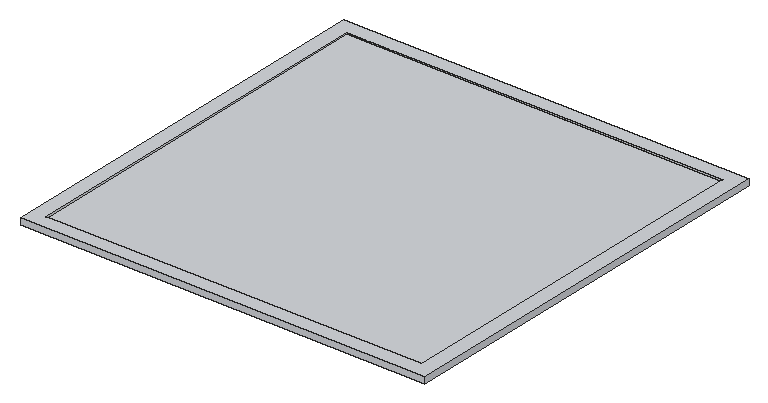
Revit family "0042566", category Lighting Fixtures, host Face, Revit 2017
Family settings
  Host = Face
  Round Connector Dimension = Use Diameter
  Part Type = Normal
  OmniClass Number = 23.80.70.00
  OmniClass Title = Lighting
  Cut with Voids When Loaded = No
  Light Source = Yes
  Shared = No
  Room Calculation Point = No
Parameters (values of type "0042566 ST PANEL UGR19 600X600 4600LM 830 SSC")
  Weight = "kg"
  Wattage Comments = ""
  Wattage = 43 W
  WarrantyStartDate [instance] = "n/a"
  WarrantyGuarantorParts = "n/a"
  WarrantyDurationUnit = "n/a"
  WarrantyDurationParts = "n/a"
  WarrantyDescription = "n/a"
  WIDTH_SYL = 297.5 mm
  built-in parameter 1150110 = 1 (stored number, unit not read)
  Voltage = 0 V
  URL = "http://www.sylvania-lighting.com"
  TypeName = "START Panel UGR19 600x600 4600Lm 830 SSC"
  Type Image = <None>
  Type Comments = "n/a"
  built-in parameter 1114217 = 1 (stored number, unit not read)
  Tilt Angle = -90.00°
  built-in parameter 1150109 = 1 (stored number, unit not read)
  built-in parameter 1150134 = (empty or 0)
  TOPWIDTH_SYL = 245 mm
  built-in parameter 1150113 = 1 (stored number, unit not read)
  SerialNumber [instance] = "n/a"
  Photometric Web File = "0042566.ies"
  Material_3_SYL = none
  PowerFactor = 0
  PowerConsumption = "43 W"
  NominalLength = 595 mm
  NominalHeight = 34 mm
  NominalDepth = 595 mm
  Name = "START Panel UGR19 600x600 4600Lm 830 SSC"
  ModelReference = Name  # "START Panel UGR19 600x600 4600Lm 830 SSC"
  ModelNumber = "0042566"
  Model = Name  # "START Panel UGR19 600x600 4600Lm 830 SSC"
  Material = "aluminium,steel housing, other diffuser"
  ManufacturerName = "Feilo Sylvania"
  Manufacturer = "Feilo Sylvania"
  MAINHEIGHT_SYL = 63 mm
  LuminousEfficacy = "107 lm/W"
  built-in parameter 1150105 = 366.14 (stored number, unit not read)
  Lumens = 4601 lm
  LuminaireType = ""
  built-in parameter 1150115 = 1 (stored number, unit not read)
  LightOutputRatio = "n/a"
  built-in parameter 1150137 = (empty or 0)
  built-in parameter 1150139 = (empty or 0)
  LampsType = Lamp  # "LED"
  LampNominalLuminous = "4600 lm"
  LampMacAdamStep = "3"
  LampColourTemperature = "3000 K"
  LampColourRenderingIndex = "80"
  built-in parameter 1150112 = 1 (stored number, unit not read)
  built-in parameter 1150114 = 1 (stored number, unit not read)
  Lamp = "LED"
  LUMWIDTH_SYL = 276.5 mm
  LUMDEPTH_SYL = 276.5 mm
  Keynote = "16500"
  InstallationDate [instance] = "n/a"
  InputVoltage = "n/a"
  InputNominalFrequency = "n/a"
  built-in parameter 1150132 = (empty or 0)
  built-in parameter 1150102 = (empty or 0)
  built-in parameter 1150107 = 3000 (stored number, unit not read)
  built-in parameter 1150138 = (empty or 0)
  IngressProtection = "IP40/20"
  ImpactProtectionIndex = "IK03"
  built-in parameter 1150106 = 3.6614 (stored number, unit not read)
  IfcExportType = "IfcLightFixtureType"
  IfcExportAs = "IfcLightFixtureType"
  HEIGHT_SYL = 33 mm
  HEIGHTBOTT_SYL = 7 mm
  Emit from Circle Diameter = 609.6 mm
  Emit Shape Visible in Rendering = no
  ElectricShockClassification = "Class II"
  built-in parameter 1150104 = 9.9406 (stored number, unit not read)
  DocumentationLiterature = "http://www.sylvania-lighting.com/product/en-int/products/0042566"
  DimmingControlOptions = "n/a"
  Material_2_SYL = none
  Dimming Lamp Color Temperature Shift = <None>
  Description = "START Panel is a range of backlit LED panels used in recessed ceilings. Ideal for general indoor appliactions such as corridors, breakrooms, offices and meeting rooms. Luminaire dimensions are compatible with common ceiling installation, and the shallow design makes it easy to install in low ceilings. 4600Lm; 43W; 107Lm/W; Drive current: 950mA; Average life: 50000Hrs; 3000K; CRI 80; Glare control <19; IK03; IP40 (from the front); SDCM<3; Class II; Loop in loop out connector for quick installation. SylSmart Standalone (SSC) enabled."
  Default Elevation = 1219.2 mm
  DEPTH_SYL = 297.5 mm
  CreatedOn = "11/2/2020"
  CreatedBy = "@sylvania-lighting.com"
  Cost = 0
  Color Filter = 16777215
  built-in parameter 1114216 [instance] = (empty or 0)
  ClassificationValue = "EF_70_80"
  ClassificationName = "Uniclass2015"
  Material_1_SYL = none
  BarCode [instance] = "n/a"
  built-in parameter 1114218 = 1 (stored number, unit not read)
  BOX_WIDTH_SYL = 40 mm
  built-in parameter 1150133 = 10 (stored number, unit not read)
  AssetType = "Fixed"
  AssetIdentifier [instance] = "n/a"
  Assembly Code = "D5020200"
  Apparent Load = 43 VA
  Material_4_SYL = none
  -LUMDEPTH_SYL = LUMDEPTH_SYL * (-1)  # -276.5 mm
Types (6, lengths in mm): name | Wattage | TypeName | built-in parameter 1150134 | Photometric Web File | PowerConsumption | NominalHeight | Name | ModelReference | ModelNumber | Model | LuminousEfficacy | built-in parameter 1150105 | Lumens | LampNominalLuminous | LampMacAdamStep | LampColourTemperature | built-in parameter 1150107 | built-in parameter 1150106 | built-in parameter 1150104 | DocumentationLiterature | Description | Apparent Load
  0042567 ST PANEL UGR19 600X600 4800LM 840 SSC | 43 W | "START Panel UGR19 600x600 4800Lm 840 SSC" | 12 | "0042567.ies" | "43 W" | 34 | "START Panel UGR19 600x600 4800Lm 840 SSC" | "START Panel UGR19 600x600 4800Lm 840 SSC" | "0042567" | "START Panel UGR19 600x600 4800Lm 840 SSC" | "112 lm/W" | 383.25 (stored number, unit not read) | 4816 lm | "4800 lm" | "3" | "4000 K" | 4000 (stored number, unit not read) | 3.8325 (stored number, unit not read) | 10.405 (stored number, unit not read) | "http://www.sylvania-lighting.com/product/en-int/products/0042567" | "START Panel is a range of backlit LED panels used in recessed ceilings. Ideal for general indoor appliactions such as corridors, breakrooms, offices and meeting rooms. Luminaire dimensions are compatible with common ceiling installation, and the shallow design makes it easy to install in low ceilings. 4800Lm; 43W; 112Lm/W; Drive current: 950mA; Average life: 50000Hrs; 4000K; CRI 80; Glare control <19; IK03; IP40 (from the front); SDCM<3; Class II; Loop in loop out connector for quick installation. SylSmart Standalone (SSC) enabled." | 43 VA
  0042566 ST PANEL UGR19 600X600 4600LM 830 SSC | 43 W | "START Panel UGR19 600x600 4600Lm 830 SSC" | (empty or 0) | "0042566.ies" | "43 W" | 34 | "START Panel UGR19 600x600 4600Lm 830 SSC" | "START Panel UGR19 600x600 4600Lm 830 SSC" | "0042566" | "START Panel UGR19 600x600 4600Lm 830 SSC" | "107 lm/W" | 366.14 (stored number, unit not read) | 4601 lm | "4600 lm" | "3" | "3000 K" | 3000 (stored number, unit not read) | 3.6614 (stored number, unit not read) | 9.9406 (stored number, unit not read) | "http://www.sylvania-lighting.com/product/en-int/products/0042566" | "START Panel is a range of backlit LED panels used in recessed ceilings. Ideal for general indoor appliactions such as corridors, breakrooms, offices and meeting rooms. Luminaire dimensions are compatible with common ceiling installation, and the shallow design makes it easy to install in low ceilings. 4600Lm; 43W; 107Lm/W; Drive current: 950mA; Average life: 50000Hrs; 3000K; CRI 80; Glare control <19; IK03; IP40 (from the front); SDCM<3; Class II; Loop in loop out connector for quick installation. SylSmart Standalone (SSC) enabled." | 43 VA
  0042508 START PANEL UGR19 600X600 4000LM 865 SSC | 36 W | "START Panel UGR19 600x600 4000Lm 865 SSC" | 1 | "0042508.ies" | "36 W" | 35 | "START Panel UGR19 600x600 4000Lm 865 SSC" | "START Panel UGR19 600x600 4000Lm 865 SSC" | "0042508" | "START Panel UGR19 600x600 4000Lm 865 SSC" | "111 lm/W" | 317.99 (stored number, unit not read) | 3996 lm | "4000 lm" | "6" | "6500 K" | 6500 (stored number, unit not read) | 3.1799 (stored number, unit not read) | 10.312 (stored number, unit not read) | "http://www.sylvania-lighting.com/product/en-int/products/0042508" | "START Panel is a range of backlit LED panels used in recessed ceilings. Ideal for general indoor appliactions such as corridors, breakrooms, offices and meeting rooms. Luminaire dimensions are compatible with common ceiling installation, and the shallow design makes it easy to install in low ceilings. 4000Lm; 36W; 111Lm/W; Drive current: 750mA; Average life: 50000Hrs; 6500K; CRI 80; Glare control <19; IK03; IP40 (from the front); Class II; Loop in loop out connector for quick installation. SylSmart Standalone (SSC) enabled." | 36 VA
  0042507 START PANEL UGR19 600X600 4000LM 840 SSC | 36 W | "START Panel UGR19 600x600 4000Lm 840 SSC" | 12 | "0042507.ies" | "36 W" | 35 | "START Panel UGR19 600x600 4000Lm 840 SSC" | "START Panel UGR19 600x600 4000Lm 840 SSC" | "0042507" | "START Panel UGR19 600x600 4000Lm 840 SSC" | "111 lm/W" | 317.99 (stored number, unit not read) | 3996 lm | "4000 lm" | "3" | "4000 K" | 4000 (stored number, unit not read) | 3.1799 (stored number, unit not read) | 10.312 (stored number, unit not read) | "http://www.sylvania-lighting.com/product/en-int/products/0042507" | "START Panel is a range of backlit LED panels used in recessed ceilings. Ideal for general indoor appliactions such as corridors, breakrooms, offices and meeting rooms. Luminaire dimensions are compatible with common ceiling installation, and the shallow design makes it easy to install in low ceilings. 4000Lm; 36W; 111Lm/W; Drive current: 750mA; Average life: 50000Hrs; 4000K; CRI 80; Glare control <19; IK03; IP40 (from the front); SDCM<3; Class II; Loop in loop out connector for quick installation. SylSmart Standalone (SSC) enabled." | 36 VA
  0042506 START PANEL UGR19 600X600 3800LM 830 SSC | 36 W | "START Panel UGR19 600x600 3800Lm 830 SSC" | (empty or 0) | "0042506.ies" | "36 W" | 35 | "START Panel UGR19 600x600 3800Lm 830 SSC" | "START Panel UGR19 600x600 3800Lm 830 SSC" | "0042506" | "START Panel UGR19 600x600 3800Lm 830 SSC" | "106 lm/W" | 303.67 (stored number, unit not read) | 3816 lm | "3800 lm" | "3" | "3000 K" | 3000 (stored number, unit not read) | 3.0367 (stored number, unit not read) | 9.8477 (stored number, unit not read) | "http://www.sylvania-lighting.com/product/en-int/products/0042506" | "START Panel is a range of backlit LED panels used in recessed ceilings. Ideal for general indoor appliactions such as corridors, breakrooms, offices and meeting rooms. Luminaire dimensions are compatible with common ceiling installation, and the shallow design makes it easy to install in low ceilings. 3800Lm; 36W; 106Lm/W; Drive current: 750mA; Average life: 50000Hrs; 3000K; CRI 80; Glare control <19; IK03; IP40 (from the front); SDCM<3; Class II; Loop in loop out connector for quick installation. SylSmart Standalone (SSC) enabled." | 36 VA
  0042568 ST PANEL UGR19 600X600 4800LM 865 SSC | 43 W | "START Panel UGR19 600x600 4800Lm 865 SSC" | 1 | "0042568.ies" | "43 W" | 34 | "START Panel UGR19 600x600 4800Lm 865 SSC" | "START Panel UGR19 600x600 4800Lm 865 SSC" | "0042568" | "START Panel UGR19 600x600 4800Lm 865 SSC" | "112 lm/W" | 383.25 (stored number, unit not read) | 4816 lm | "4800 lm" | "6" | "6500 K" | 6500 (stored number, unit not read) | 3.8325 (stored number, unit not read) | 10.405 (stored number, unit not read) | "http://www.sylvania-lighting.com/product/en-int/products/0042568" | "START Panel is a range of backlit LED panels used in recessed ceilings. Ideal for general indoor appliactions such as corridors, breakrooms, offices and meeting rooms. Luminaire dimensions are compatible with common ceiling installation, and the shallow design makes it easy to install in low ceilings. 4800Lm; 43W; 112Lm/W; Drive current: 950mA; Average life: 50000Hrs; 6500K; CRI 80; Glare control <19; IK03; IP40 (from the front); Class II; Loop in loop out connector for quick installation. SylSmart Standalone (SSC) enabled." | 43 VA
Reference planes
  plane 1 "Center (Front/Back)": y = 0
  plane 2: z = 0
  plane 3 "Center (Left/Right)": x = 0
  plane 4: x = -297.5
  plane 5: x = 297.5
  plane 6: y = 297.5
  plane 7: y = -297.5
  plane 8: x = 276.5
  plane 9: x = -276.5
  plane 10: y = 276.5
  plane 11: y = -276.5
  plane 12: z = -33
  plane 13: z = -7
  plane 14: x = -245
  plane 15: x = 245
  plane 16: y = -245
  plane 17: y = 245
  plane 18: y = 276.5
  plane 19: y = -276.5
  plane 20: z = -63
  plane 21: x = -40
  plane 22: x = 40
Forms (mm)
  Extrusion 1, solid
    sketch origin (0, 0, 0) x (1, 0, 0) y (0, 1, 0)
      loop
        line (-297.5, 297.5) -> (-297.5, -297.5) -> (297.5, -297.5) -> (297.5, 297.5) -> (-297.5, 297.5)
    from -7 to 2
  Extrusion 2, void
    sketch origin (0, 0, 0) x (1, 0, 0) y (0, 1, 0)
      loop
        line (-276.5, 276.5) -> (-276.5, -276.5) -> (276.5, -276.5) -> (276.5, 276.5) -> (-276.5, 276.5)
    from 0 to 10
  Extrusion 3, solid
    sketch origin (0, 0, 0) x (1, 0, 0) y (0, 0, 1)
      loop
        line (-276.5, -7) -> (-245, -33) -> (245, -33) -> (276.5, -7) -> (-276.5, -7)
    from -276.5 <- "-LUMDEPTH_SYL" to 276.5 <- "LUMDEPTH_SYL"
  Extrusion 4, void
    sketch origin (319, 1524, 1219.2) x (0, 1, 0) y (0, 0, 1)
      loop
        line (-1279, -1252.2) -> (-1247.5, -1252.2) -> (-1247.5, -1226.2) -> (-1279, -1252.2)
      loop
        line (-1800.5, -1226.2) -> (-1800.5, -1252.2) -> (-1769, -1252.2) -> (-1800.5, -1226.2)
    from -1000 to 1000
Cuts and joins
  Extrusion 2 cuts Extrusion 1
  Extrusion 4 cuts Extrusion 3
Dimensions and locks
  "WIDTH_SYL": plane 4 to plane 3 "Center (Left/Right)" to plane 5
  "DEPTH_SYL": plane 7 to plane 1 "Center (Front/Back)" to plane 6
  "LUMWIDTH_SYL": plane 9 to plane 3 "Center (Left/Right)" to plane 8
  "LUMDEPTH_SYL": plane 11 to plane 1 "Center (Front/Back)" to plane 10
  "HEIGHT_SYL": host face to plane 12
  "HEIGHTBOTT_SYL": host face to plane 13
  "TOPWIDTH_SYL": plane 14 to imposter light to plane 15
  "TOPWIDTH_SYL": plane 17 to imposter light to plane 16
  "LUMWIDTH_SYL": plane 18 to imposter light to plane 19
  "MAINHEIGHT_SYL": host face to plane 20
  "BOX_WIDTH_SYL": plane 21 to imposter light to plane 22
  aligned and locked: plane 2 to host face
  aligned and locked: level to host face
  aligned and locked: plane 6 to Extrusion 1 sketch curve
  aligned and locked: plane 4 to Extrusion 1 sketch curve
  aligned and locked: Extrusion 1 sketch curve to plane 7
  aligned and locked: Extrusion 1 sketch curve to plane 5
  aligned and locked: plane 10 to Extrusion 2 sketch curve
  aligned and locked: Extrusion 2 sketch curve to plane 9
  aligned and locked: Extrusion 2 sketch curve to plane 11
  aligned and locked: plane 8 to Extrusion 2 sketch curve
Automatic sketch dimensions
  host sketch curve to host sketch curve = 2438.4 mm  (x2)
  plane 9 to Extrusion 3 sketch curve = 0 mm
  Extrusion 3 sketch curve to plane 12 = 0 mm
  plane 14 to Extrusion 3 sketch curve = 0 mm
  plane 15 to Extrusion 3 sketch curve = 0 mm
  plane 8 to Extrusion 3 sketch curve = 0 mm
  Extrusion 3 sketch curve to plane 13 = 0 mm
  Extrusion 4 sketch curve to plane 11 = 0 mm
  plane 12 to Extrusion 4 sketch curve = 0 mm  (x2)
  Extrusion 4 sketch curve to plane 16 = 0 mm
  Extrusion 4 sketch curve to plane 17 = 0 mm
  Extrusion 4 sketch curve to plane 10 = 0 mm
  plane 13 to Extrusion 4 sketch curve = 0 mm  (x2)
